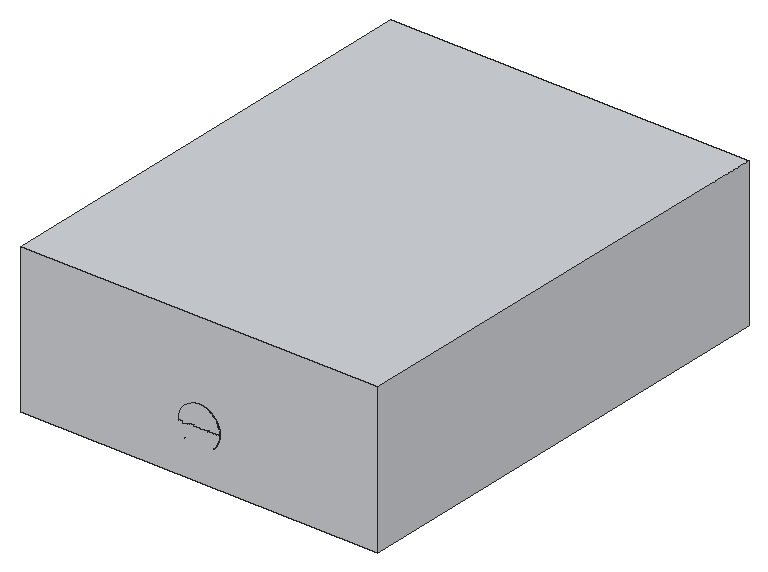
Revit family "PRD_AR_ShwrMxrs_BasicInstallationKitForShower_F3BV2001", category Plumbing Fixtures, host Face, Revit 2018
Family settings
  Host = Face
  Round Connector Dimension = Use Diameter
  Part Type = Normal
  OmniClass Number = 23.45.05.14.99
  OmniClass Title = Other Sanitary Washing Plumbing Fixtures
  Cut with Voids When Loaded = No
  Shared = Yes
  Room Calculation Point = No
Parameters (values of type "F3BV2001 - without mixing unit")
  WorkingPressure = "n/a"
  WaterSupplyTemperatureMaximum = "n/a"
  WarrantyStartDate [instance] = "1900-12-31T23:59:59"
  WarrantyGuarantorParts = "n/a"
  WarrantyGuarantorLabor = "n/a"
  WarrantyDurationUnit = "year"
  WarrantyDurationParts = "n/a"
  WarrantyDurationLabor = "n/a"
  WarrantyDescription = "n/a"
  Version = "1"
  ValvePattern = "n/a"
  ValveOperation = "Other"
  ValveMechanism = "Other"
  Uniclass2015Version = "Products v1.7"
  Uniclass2015Title = "Shower manual water supply sets"
  Uniclass2015Code = "Pr_40_20_87_78"
  URL = "www.kwc.com"
  TypeOfMounting = "In-Wall-Installation-With-Box"
  TypeOfMixing = "no mixing"
  TestPressure = "0"
  TagNumber [instance] = "n/a"
  SustainabilityPerformance = "n/a"
  Standards = "n/a"
  Size = 15.00 mm
  Shape = "n/a"
  SerialNumber [instance] = "n/a"
  Revision = "n/a"
  ReplacementCost = "n/a"
  ProductInformation = "https://pim.kwc.com/product/2030040069/attachment/datasheet?locale=en"
  OverallDepth = 80.00 mm
  OutletConnectionSize = 12.70 mm
  OperatingMechanismMaterial = "n/a"
  NominalWidth = 174.00 mm
  NominalLength = 0.00 mm
  NominalHeight = 225.00 mm
  NetWeight = 1.10 kg
  Name = "F3 Basic installation kit for shower F3BV2001"
  NBSTypeID = "n/a"
  NBSReference = "45-35-70/335"
  NBSOfficeMasterTag = "n/a"
  NBSNote = "n/a"
  NBSDescription = "Shower mixers"
  NBSCertification = "n/a"
  ModelReference = "F3BV2001"
  ModelNumber = "2030040069"
  Model = ModelReference  # "F3BV2001"
  MixerControl = "Other"
  MaterialsFinishAndColour = "n/a"
  MaterialsBody = "Plastic"
  Material = "Plastic"
  ManufacturerURL = "www.kwc.com"
  ManufacturerName = "KWC Group AG"  # constant formula
  Manufacturer = ManufacturerName  # "KWC Group AG"
  IntegralAccessories = "n/a"
  InstallationDate [instance] = "1900-12-31T23:59:59"
  InstalationKitMaterial = none
  IfcExportType = "MIXING"
  IfcExportAs = "IfcValveType"
  GrossWeight = 1.20 kg
  Grade = "n/a"
  Form = "n/a"
  FlowRateMaximum = "n/a"
  FlowCoefficient = "0"
  Finish = "n/a"
  Features = "n/a"
  ExpectedLife = "n/a"
  DurationUnit = "year"
  DiameterNominal = 15.00 mm
  Description = "R3 basic installation kit for in-wall mounting of finished installation kits DN 15 without mixing unit, for shower facilities. For connection to pre-mixed hot water or cold water. KWC system box made of plastic, 174 x 225 mm, with connection screws, shell protection, flush connector for flushing, and leak test."
  Default Elevation = 1000.00 mm
  Constituents = "n/a"
  Color = "n/a"
  CodePerformance = "n/a"
  CloseOffRating = "0"
  Category = "Pr_40_20_87_78, Shower manual water supply sets"
  BodyMaterial = "Plastic"
  BarCode [instance] = "n/a"
  BIMObjectName = "PRD_AR_ShowerManualWaterSupplySets_BasicInstallationKitForShower_F3BV2001"
  Author = "Archispace"  # constant formula
  AssetType = "Fixed"
  AssetIdentifier [instance] = "n/a"
  AccessibilityPerformance = "n/a"
Reference planes
  plane 1 "Center (Front/Back)": y = 0
  plane 2: z = 0
  plane 3 "Center (Left/Right)": x = 0
Forms (mm)
  Extrusion 1, void
    sketch origin (0, 0, 0) x (1, 0, 0) y (0, 1, 0)
      loop
        line (-87, -112.5) -> (87, -112.5) -> (87, 112.5) -> (-87, 112.5) -> (-87, -112.5)
    from 0 to -72
  Extrusion 2, solid, material <- "InstalationKitMaterial"
    sketch origin (0, 0, 0) x (1, 0, 0) y (0, 1, 0)
      loop
        line (-87, 112.5) -> (-87, -112.5) -> (87, -112.5) -> (87, 112.5) -> (-87, 112.5)
    from 0 to -72
  Extrusion 3, solid, detail levels medium+fine
    sketch origin (0, 0, 0) x (1, 0, 0) y (0, 0, 1)
      loop
        circle (0, -48) r 10
    from -112.5 to 112.5
Dimensions and locks
  aligned and locked: plane 2 to host face
  aligned and locked: level to host face
Connectors
  piping at (0, -112.5, -48), diameter 15, driven by "DiameterNominal"
    settings: on Extrusion 3, index 1, connector inside diameter 609.60 mm, connector length 0.00 mm, flow factor 0, pipe flow 0.0 L/s, pressure drop 0.0 Pa, fitting loss kfactor 0, connector angle 0.00°, fixture units 0, engagement length 0.00 mm, angle of deflection 0.00°, flow configuration 1, flow direction 1, fitting loss method 0, system type 7, joint type 0, gender type 0, connector reference index -1, connector utility 0, adjustable connector no, is connector primary yes, connector description ""
